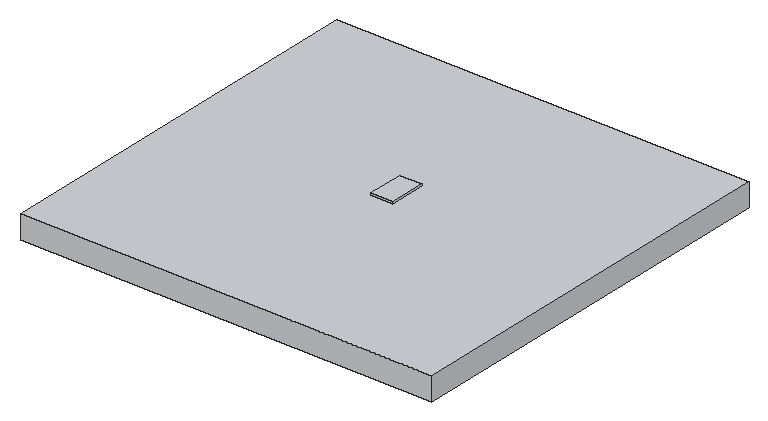
Revit family "M_Interruptor à prova de clima", category Dispositivos de iluminação, Revit 2019
Family settings
  Hospedeiro = Face
  Manter orientação da anotação = Sim
  Cota do conector redondo = Utilizar diâmetro
  Tipo de parte = Interruptor
  Número OmniClass = 23.80.50.11.14
  Título OmniClass = Switches
  ID de item do Seek = Weather Proof Switch-0000-CAN-ENU
  Corte com vazios quando carregada = Não
  Compartilhado = Não
  Ponto de cálculo do ambiente = Não
Parameters (values of type "Padrão")
  Voltagem do interruptor = 120 V
  Número de pólos do interruptor = 1
  Classificação de carga = Outros
  Legenda = "WP"
  Elevação-padrão = 1200 mm
  Assembly Code = ""
  Carga aparente = 0 VA
Reference planes
  plane 1 "Centro (Frente/Trás)": y = 0
  plane 2: z = 0
  plane 3 "Centro (Esquerda/Direita)": x = 0
  plane 4: x = -34.925
  plane 5: x = 34.925
  plane 6: x = -19.05
  plane 7: x = 19.05
  plane 8: y = 57.15
  plane 9: y = -57.15
  plane 10: y = 38.1
  plane 11: y = -38.1
  plane 12 "nível acima": z = 4.762
  plane 13 "nível abaixo": z = -53.975
Forms (mm)
  Extrusion 1, solid
    sketch origin (0, 0, 0) x (1, 0, 0) y (0, 1, 0)
      loop
        line (-644.525, 571.5) -> (-644.525, -666.75) -> (644.525, -666.75) -> (644.525, 571.5) -> (-644.525, 571.5)
    from 0 to -72.672
  Extrusion 2, solid
    sketch origin (0, 0, 0) x (1, 0, 0) y (0, 1, 0)
      loop
        line (-34.925, 57.15) -> (-34.925, -57.15) -> (34.925, -57.15) -> (34.925, 57.15) -> (-34.925, 57.15)
    from 0 to 4.762
  Extrusion 3, solid
    sketch origin (0, 0, 0) x (1, 0, 0) y (0, 1, 0)
      loop
        line (-19.05, 38.1) -> (-19.05, -38.1) -> (19.05, -38.1) -> (19.05, 38.1) -> (-19.05, 38.1)
    from 0 to -53.975
Lines and regions (mm)
  symbolic lines, detail levels fine
    curve 1: line (-34.925, 0, 4.762) -> (34.925, 0, 4.762)
    curve 2: line (-34.925, 0, 0) -> (-34.925, 0, 4.762)
    curve 3: line (34.925, 0, 0) -> (-34.925, 0, 0)
    curve 4: line (34.925, 0, 4.762) -> (34.925, 0, 0)
    curve 5: line (-19.05, 0, -53.975) -> (19.05, 0, -53.975)
    curve 6: line (-19.05, 0, 0) -> (-19.05, 0, -53.975)
    curve 7: line (19.05, 0, -53.975) -> (19.05, 0, 0)
Dimensions and locks
  equal spacing: plane 6, plane 3 "Centro (Esquerda/Direita)", plane 7, locked at 19.05 each
  locked: plane 6 to plane 7 at 38.1
  equal spacing: plane 4, plane 3 "Centro (Esquerda/Direita)", plane 5, locked at 34.925 each
  locked: plane 4 to plane 5 at 69.85
  locked: plane 8 to plane 9 at 114.3
  locked: plane 12 "nível acima" to level at 4.763
  locked: level to plane 13 "nível abaixo" at 53.975
  locked: plane 10 to plane 11 at 76.2
  equal spacing: plane 10, plane 1 "Centro (Frente/Trás)", plane 11, locked at 38.1 each
  equal spacing: plane 8, plane 1 "Centro (Frente/Trás)", plane 9, locked at 57.15 each
  aligned and locked: plane 2 to Extrusion 1
  aligned and locked: level to Extrusion 1
  aligned and locked: plane 8 to Extrusion 2
  aligned and locked: Extrusion 2 to plane 9
  aligned and locked: plane 5 to Extrusion 2
  aligned and locked: Extrusion 2 to plane 4
  aligned and locked: Extrusion 2 to level
  aligned and locked: plane 12 "nível acima" to Extrusion 2
  aligned and locked: plane 10 to Extrusion 3
  aligned and locked: Extrusion 3 to plane 6
  aligned and locked: plane 7 to Extrusion 3
  aligned and locked: Extrusion 3 to plane 11
  aligned and locked: Extrusion 3 to level
  aligned and locked: Extrusion 3 to plane 13 "nível abaixo"
  aligned and locked: plane 3 "Centro (Esquerda/Direita)" to nested 1
  aligned and locked: plane 1 "Centro (Frente/Trás)" to nested 1
  aligned and locked: curve 1 to plane 12 "nível acima"
  aligned and locked: plane 2 to curve 3
  aligned and locked: curve 5 to plane 13 "nível abaixo"
Automatic sketch dimensions
  Extrusion 2 sketch curve to plane 4 = 0 mm
  Extrusion 2 sketch curve to plane 5 = 0 mm
  Extrusion 2 sketch curve to plane 9 = 0 mm
  Extrusion 2 sketch curve to plane 8 = 0 mm
  Extrusion 3 sketch curve to plane 6 = 0 mm
  Extrusion 3 sketch curve to plane 7 = 0 mm
  Extrusion 3 sketch curve to plane 11 = 0 mm
  Extrusion 3 sketch curve to plane 10 = 0 mm
  Extrusion 1 sketch curve to Extrusion 1 sketch curve = 1289.05 mm
  Extrusion 1 sketch curve to Extrusion 1 sketch curve = 1238.25 mm
  curve 2 to plane 4 = 0 mm
  curve 3 to plane 5 = 0 mm
  plane 4 to curve 7 = 53.975 mm
  curve 5 to curve 5 = 38.1 mm
Nested families
  nested 1: "M_Anotação do interruptor" at (0, 0, 0), type "Anotação de interruptor", detail levels coarse+medium
Connectors
  electrical at (0, 38.1, -26.988), driven by "Voltagem do interruptor", driven by "Carga aparente", driven by "Número de pólos do interruptor", driven by "Classificação de carga"
    settings: on Extrusion 3, index 1, voltage 120 V, apparent load 0 VA, apparent load phase1 0 VA, apparent load phase2 0 VA, apparent load phase3 0 VA, power factor 1, load classification "Outros", number of poles 1, system type 31, power factor state 1, is connector primary yes, connector utility no, sub classification motor no, connector description ""
Definition of nested family "M_Anotação do interruptor"
  Parameters
    Legenda = "SC"
  Reference planes
    plane 1: y = 0
    plane 2: x = 0
  Lines and regions (mm)
    detail lines
      curve 1: line (0, 3.175, 0) -> (0, 0, 0)
      curve 3: arc (0.383, 2.833, 0) -> (-0.62, 2.459, 0) -> (0, 1.587, 0) r 0.674
      curve 4: arc (0, 1.587, 0) -> (0.392, 0.545, 0) -> (-0.718, 0.631, 0) r 0.66
    reference lines
      curve 2: line (0, 1.587, 0) -> (-3.044, 1.588, 0)
      curve 5: line (2.564, -1.199, 0) -> (2.564, 2.384, 0)
      curve 6: line (2.564, -1.199, 0) -> (7.201, -1.199, 0)
      curve 7: line (2.564, 1.163, 0) -> (7.878, 1.163, 0)
  Text (mm)
    label "2" at (0.646, -0.127, 0), shows "Legenda"
  Dimensions and locks
    locked: curve 6 to curve 7 at 2.362
    locked: curve 1 to curve 5 at 2.564
    locked: curve 1 to curve 1 at 3.175
    locked: plane 1 to curve 2 at 1.588
    aligned and locked: curve 1 to curve 2
    aligned and locked: curve 3 to curve 2
    aligned and locked: curve 4 to curve 2
    aligned and locked: plane 1 to curve 1
    aligned and locked: curve 1 to plane 2
    aligned and locked: plane 2 to curve 1
